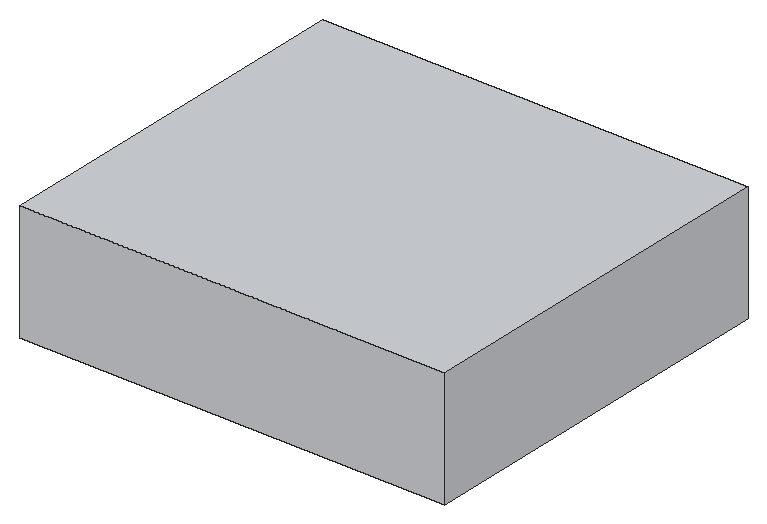
Revit family "族", category 常规模型, Revit 2015
Reference planes
  plane 1 "中心(前/后)": y = 0
  plane 2: z = 0
  plane 3 "中心(左/右)": x = 0
Forms (mm)
  Extrusion 1, solid
    sketch origin (0, 0, 0) x (1, 0, 0) y (0, 1, 0)
      loop
        line (-440.288, 336.221) -> (-440.288, -463.779) -> (459.712, -463.779) -> (459.712, 336.221) -> (-440.288, 336.221)
    from 0 to 250
Dimensions and locks
  aligned and locked: level to plane 2
